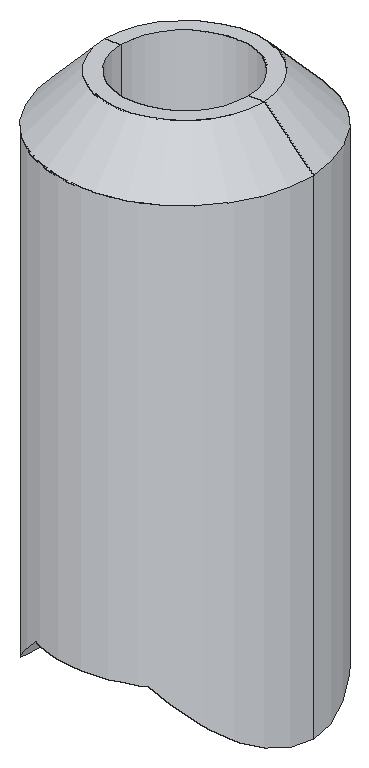
Revit family "RRHDWSTSNDOFF12", category Generic Models, Revit 2018
Family settings
  Can host rebar = No
  Round Connector Dimension = Use Diameter
  Part Type = Normal
  Work Plane-Based = No
  Always vertical = Yes
  Cut with Voids When Loaded = No
  Shared = Yes
  Room Calculation Point = No
Parameters (values of type "RRHDWSTSNDOFF1/2")
  Top Inner Radius = Top Inner Diameter / 2  # 0.250"
  Top Inner Diameter = 0.500"
  Spacer Material = none
  Ship Complete Level [instance] = ""
  Required Date [instance] = ""
  Patent Information = "10495237, 10,697,562, 10,844,978, 11,262,000"
  Length = 2.150"
  Job [instance] = ""
  Group/Run [instance] = ""
  Description = "Standoff Variable Mount 304 Dual Threaded 3/8-16 and 1/2-13 2 Inch long for Sanitary Clamps"
  Custom [instance] = ""
  Catalog Number = "RRHDWSTSNDOFF1/2"
  Bottom Inner Radius = Bottom Inner Diameter / 2  # 0.1875"
  Bottom Inner Diameter = 0.375"
  Assembly Name [instance] = ""
  Assembly ID [instance] = ""
Reference planes (in)
  plane 1 "Center (Front/Back)": y = 0
  plane 2: z = 0
  plane 3 "Center (Left/Right)": x = 0
  plane 4 "top": z = 2.15
  plane 5: z = 0.9
Forms (in)
  Revolve 1, solid, material <- "Spacer Material"
    sketch origin (0, 0, 0) x (1, 0, 0) y (0, 0, 1)
      loop
        line (0, 0) -> (0, 2.15) -> (-0.31, 2.15) -> (-0.5, 1.96) -> (-0.5, 0) -> (0, 0)
      axis (0, 2.15) -> (0, 0)
    angle from 0 to 360
  Extrusion 2, void
    sketch origin (0, 0, 0) x (1, 0, 0) y (0, 1, 0)
      loop
        circle (0, 0) r 0.1875
    from 0 to 0.9
  Extrusion 3, void
    sketch origin (0, 0, 0) x (1, 0, 0) y (0, 0, 1)
      loop
        line (-0.22, 0.28) -> (-0.5, 0) -> (0.5, 0) -> (0.22, 0.28) -> (-0.22, 0.28)
    from -0.6 to 0.6
  Extrusion 4, void
    sketch origin (1, 0, 0) x (1, 0, 0) y (0, 1, 0)
      loop
        circle (-1, 0) r 0.25
    from 0.9 to 2.15
Cuts and joins
  Extrusion 2, Extrusion 3, Extrusion 4 cuts Revolve 1
Dimensions and locks (in)
  "Length": plane 4 "top" to level
  "Bottom Inner Radius": radius of Extrusion 2 sketch curve
  "Top Inner Radius": radius of Extrusion 4 sketch curve
  aligned and locked: plane 2 to level
  aligned and locked: cut or joined group of Revolve 1, Extrusion 2, Extrusion 3, Extrusion 4 to plane 4 "top"
Automatic sketch dimensions
  Revolve 1 sketch curve to level = 0.000"
  Revolve 1 sketch curve to plane 4 "top" = 0.000"
  Revolve 1 sketch curve to plane 3 "Center (Left/Right)" = 0.000"  (x2)
  Revolve 1 sketch curve to Revolve 1 sketch curve = 0.310"
  Revolve 1 sketch curve to Revolve 1 sketch curve = 0.190"
  plane 4 "top" to Revolve 1 sketch curve = 0.190"
  Revolve 1 sketch curve to Revolve 1 sketch curve = 1.13126"
  Revolve 1 sketch curve to Revolve 1 sketch curve = 4.61874"
  Extrusion 3 sketch curve to level = 0.000"
  Extrusion 3 sketch curve to plane 3 "Center (Left/Right)" = 0.500"
  Extrusion 3 sketch curve to plane 3 "Center (Left/Right)" = 0.220"
  plane 3 "Center (Left/Right)" to Extrusion 3 sketch curve = 0.220"
  Extrusion 3 sketch curve to Extrusion 3 sketch curve = 0.280"
  level to Extrusion 3 sketch curve = 0.280"
  plane 1 "Center (Front/Back)" to Extrusion 2 sketch curve = 0.000"
  Extrusion 2 sketch curve to plane 3 "Center (Left/Right)" = 0.000"
  plane 1 "Center (Front/Back)" to Extrusion 4 sketch curve = 0.000"
  Extrusion 4 sketch curve to plane 3 "Center (Left/Right)" = 0.000"
